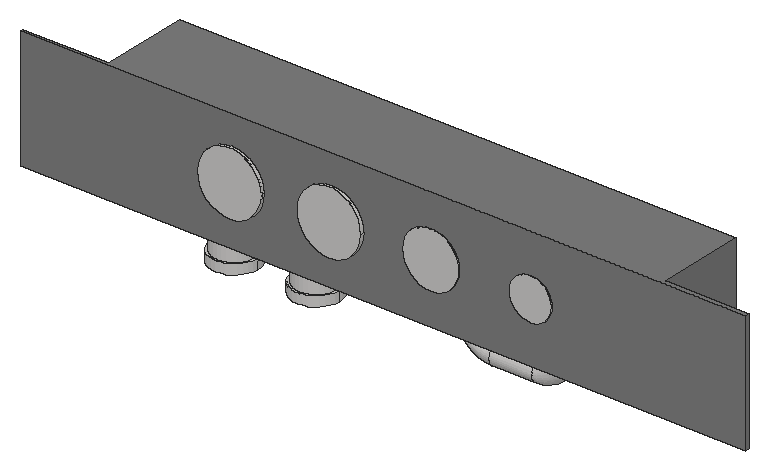
Revit family "5400NVA4", category Generic Models, Revit 2021
Family settings
  Can host rebar = No
  Round Connector Dimension = Use Diameter
  Part Type = Normal
  Work Plane-Based = No
  Always vertical = Yes
  Cut with Voids When Loaded = No
  Shared = No
  Room Calculation Point = No
Parameters (values of type "Standard")
  e-mail = "info@vola.com"
  URL = "http://vola.com"
  Telephone = "+45 7023 5500"
  Quality management standard = "ISO 9001"
  Organisation no. / DUNS no. = "17531328"
  Occupational health and safety management standard = "ISO 18001"
  Mounting Instructions = "http://vola.com/service/producturl.ashx?name=5400NV"
  Model = "5400NVA4"
  Materials and components information = "http://vola.com/service/producturl.ashx?name=5400NV"
  Manufacturer = "VOLA A/S"
  Maintenance Instructions = "http://vola.com/service/producturl.ashx?name=5400NV"
  Guarantee = "2 years"
  Flow = "43,00 l/min"
  Environmental management standard = "ISO 14000"
  Default Elevation = 0.00 mm
  Connection - All relevant connections = ""
  Approvals = "http://vola.com/service/producturl.ashx?name=5400NV"
Reference planes
  plane 1 "Center (Front/Back)": y = 0
  plane 2: z = 0
  plane 3 "Center (Left/Right)": x = 0
  plane 4 "Inlet Center Plane": y = -29
  plane 5: z = 0
Forms (mm)
  Extrusion 1, solid, material "Default"
    sketch origin (10, 0, -69) x (1, 0, 0) y (0, 1, 0)
      loop
        line (-147.5, 0) -> (-147.5, -69) -> (288.5, -69) -> (288.5, 0) -> (-147.5, 0)
    from 21.5 to 116.5
  Extrusion 2, solid, material "Default"
    sketch origin (10, -1, -69) x (1, 0, 0) y (0, 1, 0)
      loop
        line (-215, -68) -> (-215, -70.5) -> (353.5, -70.5) -> (353.5, -68) -> (-215, -68)
    from 21.5 to 116.5
  Extrusion 3, solid, material "Stainless Steel"
    sketch origin (-59, -4, -47.5) x (0, 1, 0) y (1, 0, 0)
      loop
        circle (-25, -12) r 16.5
    from 0 to 29.77
  Extrusion 4, solid, material "Stainless Steel"
    sketch origin (5, -4, -47.5) x (0, 1, 0) y (1, 0, 0)
      loop
        circle (-25, -12) r 16.5
    from 0 to 29.77
  Extrusion 5, solid, material "Stainless Steel"
    sketch origin (-51.5, -71.5, -69) x (-1, 0, 0) y (0, 0, -1)
      loop
        circle (-12.5, -69) r 24.89
    from 0 to 2.5
  Extrusion 6, solid, material "Stainless Steel"
    sketch origin (26.5, -71.5, -69) x (-1, 0, 0) y (0, 0, -1)
      loop
        circle (-12.5, -69) r 24.89
    from 0 to 2.5
  Extrusion 7, solid, material "Stainless Steel"
    sketch origin (65.5, -71.5, -69) x (-1, 0, 0) y (0, 0, -1)
      loop
        circle (-51.5, -69) r 22
    from 0 to 0.26
  Extrusion 8, solid, material "Stainless Steel"
    sketch origin (-59, -4, -77.27) x (-1, 0, 0) y (0, 1, 0)
      loop
        circle (12, -25) r 18.5
    from 0 to 7.73
  Extrusion 9, solid, material "Stainless Steel"
    sketch origin (5, -4, -77.27) x (-1, 0, 0) y (0, 1, 0)
      loop
        circle (12, -25) r 18.5
    from 0 to 7.73
  Sweep 10, solid, material "Stainless Steel"
    path origin (92, -35.26, 1134.2) x (-1, 0, 0) y (0, 0, 1)
      loop
        line (-25, -1181.7) -> (-25, -1186.2)
        arc (-25, -1186.2) -> (-31.59, -1202.11) -> (-47.5, -1208.7) r 22.5
        line (-47.5, -1208.7) -> (-80.5, -1208.7)
        arc (-80.5, -1208.7) -> (-96.41, -1202.11) -> (-103, -1186.2) r 22.5
        line (-103, -1186.2) -> (-103, -1181.7)
    profile origin (117, -35.26, -49.75) x (0, 1, 0) y (-1, 0, 0)
      loop
        circle (0, 0) r 7.5
  Extrusion 11, solid, material "Stainless Steel"
    sketch origin (143.5, -71.5, -69) x (-1, 0, 0) y (0, 0, -1)
      loop
        circle (-51.5, -69) r 16.5
    from 0 to 0.26
Cuts and joins
  joined: Extrusion 1, Extrusion 2
Lines and regions (mm)
  reference lines
    curve 1: line (117, -29, 0) -> (117, -121.5, 0)
    curve 2: line (39, -29, 0) -> (39, -121.5, 0)
    curve 3: line (-39, -29, 0) -> (-39, -121.5, 0)
    curve 4: line (-71, -29, 0) -> (-71, -29, -99)
    curve 5: line (-7, -29, 0) -> (-7, -29, -99)
    curve 6: line (117, -35.26, 97.5) -> (117, -35.26, -97.5)
    curve 7: line (195, -29, 0) -> (195, -121.5, 0)
Dimensions and locks
  aligned and locked: plane 2 to level
  aligned and locked: Extrusion 1 to Extrusion 2
  aligned and locked: Extrusion 2 to Extrusion 1
